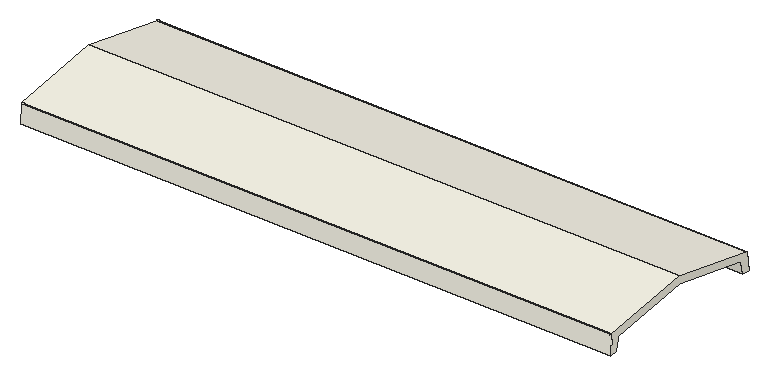
Revit family "Albardilla MACT. C-1", category Modelos genéricos, Revit 2020
Family settings
  Puede alojar armadura = No
  Cota de conector redondo = Diámetro de uso
  Tipo de pieza = Normal
  Se basa en plano de trabajo = No
  Siempre vertical = No
  Corte con vacíos al cargar = No
  Compartido = No
  Punto de cálculo de habitación = No
Parameters (values of type "MACT30")
  Visibilidad una fila = if(Ancho < 290 mm, 2 = 2, 2 = 3)  # no
  Visibilidad dos filas = if(Ancho < 290 mm, 2 = 3, 2 = 2)  # yes
  Descripción = "Pieza de hormigón polímero con anclaje de acero inoxidable."
  URL = "https://www.ulmaarchitectural.com/es-es"
  Nº filas anclajes [instance] = 3
  Modelo = "Albardilla MACT30"
  Material = Hormigón polímero STONEO. Color C-1
  Longitud real [instance] = 1300 mm  # constant formula
  Longitud [instance] = 1300 mm  # constant formula
  Fabricante = "ULMA Architectural Solutions"
  Elevación por defecto = 0 mm
  Dist. entre anclajes [instance] = 470 mm  # constant formula
  Dist primer anclaje [instance] = 150 mm  # constant formula
  Código de montaje = "MACT30"
  Ancho total = Ancho + 70 mm  # 380 mm
  Ancho doble = Ancho / 4  # 77.5 mm
  Ancho = 310 mm
  Altura anclaje central = Ancho * 62 mm / Ancho total  # 50.579 mm
Types (7, lengths in mm): name | Visibilidad una fila | Visibilidad dos filas | Modelo | Código de montaje | Ancho total | Ancho doble | Ancho | Altura anclaje central
  (no name) | no | yes | "Albardilla MACT30" | "MACT30" | 380 | 77.5 | 310 | 50.579
  MACT14 | yes | no | "Albardilla MACT14" | "MACT14" | 210 | 35 | 140 | 41.333
  MACT17 | yes | no | "Albardilla MACT17" | "MACT17" | 240 | 42.5 | 170 | 43.917
  MACT22 | yes | no | "Albardilla MACT22" | "MACT22" | 290 | 55 | 220 | 47.034
  MACT25 | yes | no | "Albardilla MACT25" | "MACT25" | 330 | 65 | 260 | 48.848
  MACT30 | no | yes | "Albardilla MACT30" | "MACT30" | 380 | 77.5 | 310 | 50.579
  MACT19 | yes | no | "Albardilla MACT19" | "MACT19" | 260 | 47.5 | 190 | 45.308
Reference planes
  plane 1 "Centro (Frontal/Posterior)": y = 0
  plane 2: z = 0
  plane 3 "Centro (Izquierda/Derecha)": x = 0
  plane 4: z = 50.579
  plane 5: x = 75
  plane 6: z = 50.579
  plane 7: y = 50
Forms (mm)
  Extrusion 1, solid, material "Hormigón polímero STONEO. Color C-1" <- "Material"
    sketch origin (0, 0, 0) x (0, 1, 0) y (0, 0, 1)
      loop
        line (190, 0) -> (186.634, 38.468)
        arc (186.634, 38.468) -> (186.005, 39.757) -> (184.675, 40.294) r 2
        line (184.675, 40.294) -> (0, 72.917) -> (-184.696, 40.35)
        arc (-184.696, 40.35) -> (-185.95, 39.866) -> (-186.614, 38.698) r 2
        line (-186.614, 38.698) -> (-190, 0) -> (-174.769, 0) -> (-170.487, 24.283)
        arc (-170.487, 24.283) -> (-169.098, 26.951) -> (-166.431, 28.339) r 5
        line (-166.431, 28.339) -> (-0.002, 57.685) -> (166.443, 28.282)
        arc (166.443, 28.282) -> (169.109, 26.893) -> (170.497, 24.226) r 5
        line (170.497, 24.226) -> (174.769, 0) -> (190, 0)
    from 0 to 1300
Dimensions and locks
  "Longitud real": Extrusion 1 to Extrusion 1
  Extrusion 1 sketch curve to Extrusion 1 sketch curve = 15.231 mm
  equal spacing: Extrusion 1 sketch curve, plane 1 "Centro (Frontal/Posterior)", Extrusion 1 sketch curve
  "Ancho total": Extrusion 1 sketch curve to Extrusion 1 sketch curve
  Extrusion 1 sketch curve to level = 40.35 mm
  Extrusion 1 sketch curve to level = 40.294 mm  (x2)
  "Altura anclaje central": plane 4 to level
  plane 3 "Centro (Izquierda/Derecha)" to plane 5 = 75 mm
  equal spacing: group 1, group 3, group 4  (x2)
  group 3 to group 1 to group 4 = 0.063 mm, 0 mm
  "Dist. entre anclajes": nested 1 to nested 3
  equal spacing: group 2, group 5, group 6  (x2)
  group 5 to group 2 to group 6 = 0.003 mm, 0 mm
  "Dist. entre anclajes": nested 2 to nested 5
  "Altura anclaje central": plane 6 to level
  plane 1 "Centro (Frontal/Posterior)" to plane 7 = 50 mm
  equal spacing: group 7, group 8, group 9  (x2)
  equal spacing: group 9, group 8, group 7
  "Dist. entre anclajes": nested 7 to nested 8
  radius of Extrusion 1 sketch curve = 2 mm  (x2)
  radius of Extrusion 1 sketch curve = 5 mm  (x2)
  angle level to Extrusion 1 sketch curve = 85.00°
  angle Extrusion 1 sketch curve to level = 85.00°
  angle level to Extrusion 1 sketch curve = 100.00°
  angle Extrusion 1 sketch curve to level = 100.00°
  angle level to Extrusion 1 sketch curve = 10.00°
  aligned and locked: level to plane 2
  aligned and locked: level to Extrusion 1 sketch curve
  aligned and locked: Extrusion 1 sketch curve to level
  aligned and locked: plane 6 to nested 7
  aligned and locked: plane 7 to nested 7
  aligned and locked: nested 7 to plane 5
Automatic sketch dimensions
  Extrusion 1 sketch curve to plane 1 "Centro (Frontal/Posterior)" = 0 mm
  Extrusion 1 sketch curve to Extrusion 1 sketch curve = 1.918 mm
  plane 1 "Centro (Frontal/Posterior)" to Extrusion 1 sketch curve = 0.002 mm
  Extrusion 1 sketch curve to Extrusion 1 sketch curve = 14.145 mm
  level to Extrusion 1 sketch curve = 23.358 mm
  Extrusion 1 sketch curve to Extrusion 1 sketch curve = 21.062 mm
  Extrusion 1 sketch curve to Extrusion 1 sketch curve = 0.87 mm
  Extrusion 1 sketch curve to Extrusion 1 sketch curve = 0.868 mm  (x2)
  Extrusion 1 sketch curve to Extrusion 1 sketch curve = 4.054 mm
  level to Extrusion 1 sketch curve = 38.698 mm
  level to Extrusion 1 sketch curve = 24.283 mm
  Extrusion 1 sketch curve to Extrusion 1 sketch curve = 24.427 mm
  Extrusion 1 sketch curve to Extrusion 1 sketch curve = 15.232 mm
Nested families
  nested 1: "Anclaje inoxidable tapas (150x100)" at (149.947, 93.076, 41.325) x (1, 0.0082, -0.0014) z (0, -0.1736, -0.9848), visible <- "Visibilidad dos filas", type "Anclaje inoxidable tapas (150x100)"
  nested 2: "Anclaje inoxidable tapas (150x100)" at (149.947, -93.076, 41.325) x (1, -0.0082, -0.0014) z (0, 0.1736, -0.9848), visible <- "Visibilidad dos filas", type "Anclaje inoxidable tapas (150x100)"
  nested 3: "Anclaje inoxidable tapas (150x100)" at (619.947, 93.013, 41.325) x (1, 0.0082, -0.0014) z (0, -0.1736, -0.9848), visible <- "Visibilidad dos filas", type "Anclaje inoxidable tapas (150x100)"
  nested 4: "Anclaje inoxidable tapas (150x100)" at (1089.947, 93.076, 41.325) x (1, 0.0082, -0.0014) z (0, -0.1736, -0.9848), visible <- "Visibilidad dos filas", type "Anclaje inoxidable tapas (150x100)"
  nested 5: "Anclaje inoxidable tapas (150x100)" at (619.947, -93.078, 41.325) x (1, -0.0082, -0.0014) z (0, 0.1736, -0.9848), visible <- "Visibilidad dos filas", type "Anclaje inoxidable tapas (150x100)"
  nested 6: "Anclaje inoxidable tapas (150x100)" at (1089.947, -93.076, 41.325) x (1, -0.0082, -0.0014) z (0, 0.1736, -0.9848), visible <- "Visibilidad dos filas", type "Anclaje inoxidable tapas (150x100)"
  nested 7: "Anclaje inoxidable tapas (150x100)" at (150.008, -0.983, 50.579) x (1, 0.0085, 0) z (0, 0, -1), visible <- "Visibilidad una fila", type "Anclaje inoxidable tapas (150x100)"
  nested 8: "Anclaje inoxidable tapas (150x100)" at (620.008, -0.983, 49.714) x (1, 0.0085, 0) z (0, 0, -1), visible <- "Visibilidad una fila", type "Anclaje inoxidable tapas (150x100)"
  nested 9: "Anclaje inoxidable tapas (150x100)" at (1090.008, -0.983, 48.848) x (1, 0.0085, 0) z (0, 0, -1), visible <- "Visibilidad una fila", type "Anclaje inoxidable tapas (150x100)"
Definition of nested family "Anclaje inoxidable tapas (150x100)"
  Parameters (values of type "Anclaje inoxidable tapas (150x100)")
    URL = "https://www.ulmaarchitectural.com/es-es"
    Model = "Sujeción anclaje inoxidable tapas (150x100) SPE"
    Material = none
    Manufacturer = "ULMA"
    Default Elevation = 0 mm
    Assembly Code = "901250015"
  Reference planes
    plane 1 "Centro (Frontal/Posterior)": y = 0
    plane 2: z = 0
    plane 3 "Centro (Izquierda/Derecha)": x = 0
  Dimensions and locks
    aligned and locked: level to plane 2
    aligned and locked: import instance to level
